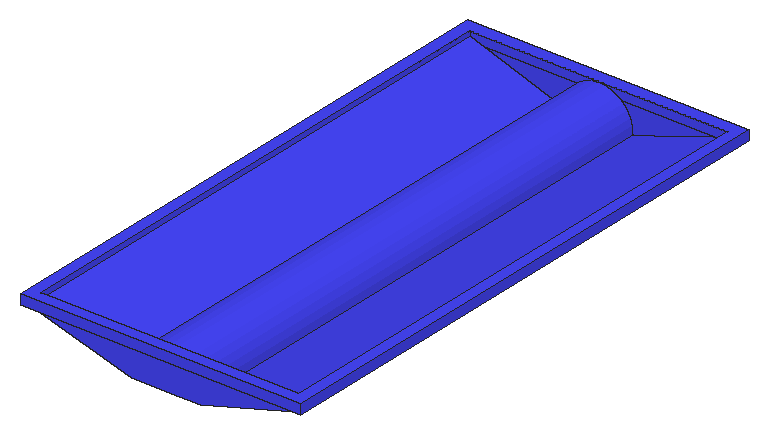
Revit family "CNTLED2236W-2450WWT40K", category Lighting Fixtures, host Face, Revit 2023
Family settings
  Host = Face
  Round Connector Dimension = Use Diameter
  Part Type = Normal
  Cut with Voids When Loaded = No
  Light Source = Yes
  Maintain Annotation Orientation = No
  Shared = No
  Room Calculation Point = No
Parameters (values of type "CNTLED2450WWT40")
  Wattage Comments = "52W"
  Wattage = 41.0456 W
  WIDTH = W * 2  # 603 mm
  W = 301.5 mm
  built-in parameter 1150110 = 1 (stored number, unit not read)
  Type Image = CENTURY IMAGE.PNG
  Type Comments = "Cuerpo: de aluminio, con pintura acabado blanco.\r\nDifusor: de policarbonato opalino que proporciona una\r\ncurva de distribución de 120°."
  built-in parameter 1114217 = 1 (stored number, unit not read)
  Tilt Angle = -90.00°
  built-in parameter 1150109 = 1 (stored number, unit not read)
  built-in parameter 1150134 = 3
  built-in parameter 1150113 = 1 (stored number, unit not read)
  Photometric Web File = "CNTLED2450WWT40K-1.IES"
  built-in parameter 1150142 = "IESNA:LM-63-2002\r\n[TEST] LAPC18D40-FOTOMETRIA\r\n[TESTLAB] LABORATORIO DE ALUMBRADO CDMX\r\n[ISSUEDATE] 5/4/2018 4:15:27 PM\r\n[MANUFAC] BEGHELLI DE MÉXICO\r\n[LUMCAT] PC40D803-FOTOMETRIA\r\n[LUMINAIRE] PC40D803-FOTOMETRIA\r\n[LAMPCAT] CENTURY CNTLED2450WWT40K\r\n[LAMP] Luminario de interiores a base de leds, para suspender o empotrar,50w\r\n[BALLAST] Controlador (driver) electrónico a.f.p., 54W.,100-277V.c.a.\r\n[BALLASTCAT] LF-GMD055YS(T)1300U\r\nTILT=NONE\r\n1 -1 1 37 10 1 1 0 0 0\r\n1 1 52.266\r\n0.00 2.50 5.00 7.50 10.00 12.50 15.00 17.50 20.00 22.50 25.00 27.50 30.00 32.50 35.00 37.50 40.00 42.50 45.00 47.50 50.00 52.50 55.00 57.50 60.00 62.50 65.00 67.50 70.00 72.50 75.00 77.50 80.00 82.50 85.00 87.50 90.00\r\n0.00 10.00 20.00 30.00 40.00 50.00 60.00 70.00 80.00 90.00\r\n2063.10 2059.00 2050.00 2036.00 2016.00 1991.00 1962.00 1927.00 1888.00 1846.00 1798.00 1747.00 1691.00 1633.00 1571.00 1507.00 1440.00 1371.00 1300.00 1228.00 1153.00 1077.00 999.00 922.00 843.00 761.00 678.00 593.00 509.00 424.00 342.00 264.00 189.00 \r\n122.00 66.00 26.00 7.00\r\n2063.10 2057.00 2048.00 2035.00 2015.00 1991.00 1962.00 1928.00 1889.00 1847.00 1800.00 1749.00 1694.00 1637.00 1576.00 1512.00 1445.00 1376.00 1306.00 1234.00 1160.00 1084.00 1007.00 931.00 854.00 773.00 689.00 604.00 521.00 438.00 357.00 280.00 207.00 \r\n141.00 85.00 39.00 9.00\r\n2063.10 2054.00 2045.00 2031.00 2012.00 1988.00 1959.00 1925.00 1887.00 1845.00 1799.00 1748.00 1694.00 1636.00 1576.00 1513.00 1447.00 1379.00 1309.00 1238.00 1165.00 1091.00 1018.00 944.00 866.00 785.00 701.00 618.00 538.00 458.00 382.00 310.00 242.00 \r\n179.00 117.00 53.00 10.00\r\n2063.10 2052.00 2044.00 2031.00 2013.00 1990.00 1962.00 1929.00 1892.00 1852.00 1807.00 1757.00 1705.00 1649.00 1590.00 1528.00 1464.00 1397.00 1329.00 1261.00 1191.00 1120.00 1046.00 971.00 892.00 813.00 734.00 655.00 579.00 504.00 432.00 363.00 296.00 \r\n227.00 151.00 73.00 13.00\r\n2063.10 2052.00 2045.00 2032.00 2014.00 1991.00 1964.00 1932.00 1896.00 1857.00 1813.00 1765.00 1713.00 1658.00 1601.00 1540.00 1478.00 1414.00 1349.00 1283.00 1213.00 1137.00 1063.00 989.00 915.00 840.00 766.00 691.00 620.00 549.00 479.00 409.00 337.00 \r\n257.00 171.00 80.00 12.00\r\n2063.10 2055.00 2048.00 2035.00 2018.00 1997.00 1971.00 1940.00 1905.00 1868.00 1825.00 1779.00 1729.00 1676.00 1621.00 1563.00 1504.00 1443.00 1376.00 1308.00 1235.00 1161.00 1090.00 1021.00 952.00 881.00 810.00 739.00 671.00 601.00 529.00 456.00 377.00 \r\n289.00 195.00 93.00 14.00\r\n2063.10 2059.00 2050.00 2038.00 2021.00 2000.00 1974.00 1944.00 1910.00 1873.00 1833.00 1788.00 1740.00 1690.00 1638.00 1582.00 1520.00 1455.00 1387.00 1318.00 1247.00 1177.00 1110.00 1045.00 978.00 912.00 844.00 776.00 708.00 636.00 563.00 486.00 399.00 \r\n304.00 204.00 92.00 12.00\r\n2063.10 2069.00 2060.00 2047.00 2029.00 2008.00 1982.00 1953.00 1921.00 1886.00 1847.00 1806.00 1760.00 1709.00 1654.00 1595.00 1532.00 1467.00 1400.00 1335.00 1267.00 1200.00 1135.00 1072.00 1009.00 944.00 878.00 811.00 743.00 671.00 596.00 516.00 424.00\r\n 326.00 221.00 103.00 14.00\r\n2063.10 2074.00 2068.00 2057.00 2041.00 2021.00 1997.00 1968.00 1936.00 1899.00 1858.00 1813.00 1764.00 1710.00 1653.00 1594.00 1532.00 1470.00 1406.00 1341.00 1276.00 1209.00 1146.00 1085.00 1023.00 960.00 895.00 828.00 759.00 686.00 610.00 526.00 430.00\r\n 330.00 220.00 99.00 12.00\r\n2063.10 2072.00 2069.00 2062.00 2051.00 2034.00 2011.00 1983.00 1950.00 1911.00 1867.00 1818.00 1766.00 1712.00 1656.00 1599.00 1539.00 1477.00 1414.00 1350.00 1284.00 1218.00 1155.00 1094.00 1033.00 970.00 906.00 839.00 770.00 698.00 621.00 537.00 440.00\r\n 338.00 228.00 106.00 14.00\r\n"
  Model = "CNTLED2236WWT40K"
  Manufacturer = "BEGHELLI"
  built-in parameter 1150105 = 485.18 (stored number, unit not read)
  Lumens = 6097 lm
  built-in parameter 1150115 = 1 (stored number, unit not read)
  built-in parameter 1150137 = (empty or 0)
  built-in parameter 1150139 = (empty or 0)
  built-in parameter 1150112 = 1 (stored number, unit not read)
  built-in parameter 1150114 = 1 (stored number, unit not read)
  Lamp = "LED"
  Keynote = "Para empotrar y suspender en plafón modular y liso, con\r\nganchos de seguridad en los cuatro extremos. De fácil\r\ninstalación."
  built-in parameter 1150132 = 2
  built-in parameter 1150102 = (empty or 0)
  built-in parameter 1150107 = 3200 (stored number, unit not read)
  built-in parameter 1150138 = (empty or 0)
  built-in parameter 1150106 = 4.8518 (stored number, unit not read)
  HOUSING MATERIAL = HOUSING MATERIAL
  HEIGHT = H * 2  # 1200 mm
  H = 600 mm
  Emit from Line Length = 609.6 mm
  built-in parameter 1150104 = 13.8 (stored number, unit not read)
  Dimming Lamp Color Temperature Shift = <None>
  Default Elevation = 1219.2 mm
  Color Filter = 16777215
  built-in parameter 1114218 = 1 (stored number, unit not read)
  built-in parameter 1150133 = 10 (stored number, unit not read)
Types (3, lengths in mm): name | Wattage Comments | Wattage | Photometric Web File | built-in parameter 1150142 | built-in parameter 1150105 | Lumens | built-in parameter 1150106 | HEIGHT | H
  (no name) | "52W" | 41.0456 W | "CNTLED2450WWT40K-1.IES" | "IESNA:LM-63-2002\r\n[TEST] LAPC18D40-FOTOMETRIA\r\n[TESTLAB] LABORATORIO DE ALUMBRADO CDMX\r\n[ISSUEDATE] 5/4/2018 4:15:27 PM\r\n[MANUFAC] BEGHELLI DE MÉXICO\r\n[LUMCAT] PC40D803-FOTOMETRIA\r\n[LUMINAIRE] PC40D803-FOTOMETRIA\r\n[LAMPCAT] CENTURY CNTLED2450WWT40K\r\n[LAMP] Luminario de interiores a base de leds, para suspender o empotrar,50w\r\n[BALLAST] Controlador (driver) electrónico a.f.p., 54W.,100-277V.c.a.\r\n[BALLASTCAT] LF-GMD055YS(T)1300U\r\nTILT=NONE\r\n1 -1 1 37 10 1 1 0 0 0\r\n1 1 52.266\r\n0.00 2.50 5.00 7.50 10.00 12.50 15.00 17.50 20.00 22.50 25.00 27.50 30.00 32.50 35.00 37.50 40.00 42.50 45.00 47.50 50.00 52.50 55.00 57.50 60.00 62.50 65.00 67.50 70.00 72.50 75.00 77.50 80.00 82.50 85.00 87.50 90.00\r\n0.00 10.00 20.00 30.00 40.00 50.00 60.00 70.00 80.00 90.00\r\n2063.10 2059.00 2050.00 2036.00 2016.00 1991.00 1962.00 1927.00 1888.00 1846.00 1798.00 1747.00 1691.00 1633.00 1571.00 1507.00 1440.00 1371.00 1300.00 1228.00 1153.00 1077.00 999.00 922.00 843.00 761.00 678.00 593.00 509.00 424.00 342.00 264.00 189.00 \r\n122.00 66.00 26.00 7.00\r\n2063.10 2057.00 2048.00 2035.00 2015.00 1991.00 1962.00 1928.00 1889.00 1847.00 1800.00 1749.00 1694.00 1637.00 1576.00 1512.00 1445.00 1376.00 1306.00 1234.00 1160.00 1084.00 1007.00 931.00 854.00 773.00 689.00 604.00 521.00 438.00 357.00 280.00 207.00 \r\n141.00 85.00 39.00 9.00\r\n2063.10 2054.00 2045.00 2031.00 2012.00 1988.00 1959.00 1925.00 1887.00 1845.00 1799.00 1748.00 1694.00 1636.00 1576.00 1513.00 1447.00 1379.00 1309.00 1238.00 1165.00 1091.00 1018.00 944.00 866.00 785.00 701.00 618.00 538.00 458.00 382.00 310.00 242.00 \r\n179.00 117.00 53.00 10.00\r\n2063.10 2052.00 2044.00 2031.00 2013.00 1990.00 1962.00 1929.00 1892.00 1852.00 1807.00 1757.00 1705.00 1649.00 1590.00 1528.00 1464.00 1397.00 1329.00 1261.00 1191.00 1120.00 1046.00 971.00 892.00 813.00 734.00 655.00 579.00 504.00 432.00 363.00 296.00 \r\n227.00 151.00 73.00 13.00\r\n2063.10 2052.00 2045.00 2032.00 2014.00 1991.00 1964.00 1932.00 1896.00 1857.00 1813.00 1765.00 1713.00 1658.00 1601.00 1540.00 1478.00 1414.00 1349.00 1283.00 1213.00 1137.00 1063.00 989.00 915.00 840.00 766.00 691.00 620.00 549.00 479.00 409.00 337.00 \r\n257.00 171.00 80.00 12.00\r\n2063.10 2055.00 2048.00 2035.00 2018.00 1997.00 1971.00 1940.00 1905.00 1868.00 1825.00 1779.00 1729.00 1676.00 1621.00 1563.00 1504.00 1443.00 1376.00 1308.00 1235.00 1161.00 1090.00 1021.00 952.00 881.00 810.00 739.00 671.00 601.00 529.00 456.00 377.00 \r\n289.00 195.00 93.00 14.00\r\n2063.10 2059.00 2050.00 2038.00 2021.00 2000.00 1974.00 1944.00 1910.00 1873.00 1833.00 1788.00 1740.00 1690.00 1638.00 1582.00 1520.00 1455.00 1387.00 1318.00 1247.00 1177.00 1110.00 1045.00 978.00 912.00 844.00 776.00 708.00 636.00 563.00 486.00 399.00 \r\n304.00 204.00 92.00 12.00\r\n2063.10 2069.00 2060.00 2047.00 2029.00 2008.00 1982.00 1953.00 1921.00 1886.00 1847.00 1806.00 1760.00 1709.00 1654.00 1595.00 1532.00 1467.00 1400.00 1335.00 1267.00 1200.00 1135.00 1072.00 1009.00 944.00 878.00 811.00 743.00 671.00 596.00 516.00 424.00\r\n 326.00 221.00 103.00 14.00\r\n2063.10 2074.00 2068.00 2057.00 2041.00 2021.00 1997.00 1968.00 1936.00 1899.00 1858.00 1813.00 1764.00 1710.00 1653.00 1594.00 1532.00 1470.00 1406.00 1341.00 1276.00 1209.00 1146.00 1085.00 1023.00 960.00 895.00 828.00 759.00 686.00 610.00 526.00 430.00\r\n 330.00 220.00 99.00 12.00\r\n2063.10 2072.00 2069.00 2062.00 2051.00 2034.00 2011.00 1983.00 1950.00 1911.00 1867.00 1818.00 1766.00 1712.00 1656.00 1599.00 1539.00 1477.00 1414.00 1350.00 1284.00 1218.00 1155.00 1094.00 1033.00 970.00 906.00 839.00 770.00 698.00 621.00 537.00 440.00\r\n 338.00 228.00 106.00 14.00\r\n" | 485.18 (stored number, unit not read) | 6097 lm | 4.8518 (stored number, unit not read) | 1200 | 600
  CNTLED2236WWT40 | "32W" | 27.0833 W | "CNTLED2236WWT40K-1.IES" | "IESNA:LM-63-2002\r\n[TEST] LAPC18D40-FOTOMETRIA\r\n[TESTLAB] LABORATORIO DE ALUMBRADO CDMX\r\n[ISSUEDATE] 5/4/2018 1:20:33 PM\r\n[MANUFAC] BEGHELLI DE MÉXICO\r\n[LUMCAT] PC40D801-FOTOMETRIA\r\n[LUMINAIRE] PC40D801-FOTOMETRIA\r\n[LAMPCAT] CENTURY CNTLED2236WWT40K\r\n[LAMP] Luminario de interiores a base de leds, para suspender o empotrar,36w\r\n[BALLAST] Controlador (driver) electrónico a.f.p., 39W.,100-277V.c.a.\r\n[BALLASTCAT] LF-GMD045YS(T) 0950U\r\nTILT=NONE\r\n1 -1 1 37 10 1 1 0 0 0\r\n1 1 34.808\r\n0.00 2.50 5.00 7.50 10.00 12.50 15.00 17.50 20.00 22.50 25.00 27.50 30.00 32.50 35.00 37.50 40.00 42.50 45.00 47.50 50.00 52.50 55.00 57.50 60.00 62.50 65.00 67.50 70.00 72.50 75.00 77.50 80.00 82.50 85.00 87.50 90.00\r\n0.00 10.00 20.00 30.00 40.00 50.00 60.00 70.00 80.00 90.00\r\n1375.80 1373.00 1367.00 1357.00 1344.00 1326.00 1306.00 1282.00 1255.00 1226.00 1193.00 1158.00 1120.00 1080.00 1038.00 995.00 949.00 902.00 854.00 806.00 756.00 705.00 653.00 602.00 549.00 496.00 441.00 386.00 331.00 277.00 224.00 172.00 124.00 81.00 \r\n43.00 17.00 3.00\r\n1375.80 1373.00 1367.00 1358.00 1345.00 1328.00 1307.00 1284.00 1257.00 1228.00 1196.00 1161.00 1124.00 1084.00 1043.00 999.00 954.00 907.00 860.00 812.00 761.00 710.00 659.00 608.00 556.00 502.00 448.00 394.00 340.00 286.00 233.00 182.00 134.00 90.00 \r\n52.00 21.00 3.00\r\n1375.80 1372.00 1366.00 1356.00 1343.00 1326.00 1306.00 1283.00 1257.00 1228.00 1196.00 1161.00 1124.00 1085.00 1044.00 1001.00 956.00 910.00 863.00 815.00 766.00 715.00 665.00 615.00 563.00 510.00 457.00 403.00 351.00 298.00 247.00 198.00 151.00 107.00 \r\n65.00 26.00 3.00\r\n1375.80 1371.00 1365.00 1356.00 1343.00 1327.00 1308.00 1285.00 1259.00 1232.00 1201.00 1167.00 1131.00 1093.00 1053.00 1011.00 967.00 922.00 876.00 829.00 781.00 731.00 682.00 633.00 582.00 531.00 479.00 427.00 376.00 326.00 276.00 229.00 182.00 135.00 \r\n86.00 38.00 5.00\r\n1375.80 1370.00 1364.00 1355.00 1342.00 1327.00 1308.00 1286.00 1261.00 1234.00 1204.00 1171.00 1136.00 1099.00 1060.00 1020.00 977.00 933.00 887.00 841.00 793.00 745.00 697.00 649.00 600.00 551.00 502.00 451.00 403.00 354.00 306.00 259.00 210.00 156.00 \r\n101.00 44.00 5.00\r\n1375.80 1370.00 1366.00 1357.00 1345.00 1330.00 1312.00 1291.00 1268.00 1242.00 1213.00 1182.00 1148.00 1112.00 1075.00 1035.00 994.00 950.00 906.00 860.00 813.00 765.00 719.00 674.00 627.00 580.00 532.00 484.00 438.00 390.00 342.00 292.00 239.00 181.00 \r\n120.00 55.00 6.00\r\n1375.80 1374.00 1368.00 1359.00 1348.00 1333.00 1315.00 1295.00 1272.00 1248.00 1220.00 1189.00 1157.00 1122.00 1085.00 1046.00 1005.00 962.00 917.00 873.00 827.00 781.00 736.00 693.00 648.00 603.00 557.00 511.00 464.00 416.00 367.00 315.00 257.00 195.00 \r\n130.00 57.00 6.00\r\n1375.80 1377.00 1372.00 1364.00 1353.00 1339.00 1322.00 1302.00 1281.00 1256.00 1230.00 1200.00 1168.00 1133.00 1097.00 1058.00 1017.00 975.00 932.00 888.00 843.00 798.00 755.00 714.00 671.00 627.00 582.00 537.00 490.00 442.00 392.00 338.00 277.00 213.00 \r\n145.00 67.00 7.00\r\n1375.80 1378.00 1374.00 1367.00 1356.00 1344.00 1327.00 1308.00 1286.00 1262.00 1234.00 1204.00 1172.00 1137.00 1100.00 1061.00 1020.00 979.00 936.00 894.00 850.00 806.00 764.00 723.00 682.00 639.00 595.00 549.00 503.00 454.00 403.00 348.00 284.00 219.00 \r\n148.00 64.00 6.00\r\n1375.80 1380.00 1376.00 1369.00 1359.00 1346.00 1331.00 1312.00 1290.00 1266.00 1238.00 1209.00 1176.00 1141.00 1104.00 1065.00 1024.00 984.00 942.00 899.00 856.00 812.00 771.00 730.00 690.00 647.00 603.00 558.00 511.00 463.00 412.00 356.00 292.00 226.00 \r\n155.00 70.00 7.00\r\n" | 320.14 (stored number, unit not read) | 4023 lm | 3.2014 (stored number, unit not read) | 603 | 301.5
  CNTLED2450WWT40 | "52W" | 41.0456 W | "CNTLED2450WWT40K-1.IES" | "IESNA:LM-63-2002\r\n[TEST] LAPC18D40-FOTOMETRIA\r\n[TESTLAB] LABORATORIO DE ALUMBRADO CDMX\r\n[ISSUEDATE] 5/4/2018 4:15:27 PM\r\n[MANUFAC] BEGHELLI DE MÉXICO\r\n[LUMCAT] PC40D803-FOTOMETRIA\r\n[LUMINAIRE] PC40D803-FOTOMETRIA\r\n[LAMPCAT] CENTURY CNTLED2450WWT40K\r\n[LAMP] Luminario de interiores a base de leds, para suspender o empotrar,50w\r\n[BALLAST] Controlador (driver) electrónico a.f.p., 54W.,100-277V.c.a.\r\n[BALLASTCAT] LF-GMD055YS(T)1300U\r\nTILT=NONE\r\n1 -1 1 37 10 1 1 0 0 0\r\n1 1 52.266\r\n0.00 2.50 5.00 7.50 10.00 12.50 15.00 17.50 20.00 22.50 25.00 27.50 30.00 32.50 35.00 37.50 40.00 42.50 45.00 47.50 50.00 52.50 55.00 57.50 60.00 62.50 65.00 67.50 70.00 72.50 75.00 77.50 80.00 82.50 85.00 87.50 90.00\r\n0.00 10.00 20.00 30.00 40.00 50.00 60.00 70.00 80.00 90.00\r\n2063.10 2059.00 2050.00 2036.00 2016.00 1991.00 1962.00 1927.00 1888.00 1846.00 1798.00 1747.00 1691.00 1633.00 1571.00 1507.00 1440.00 1371.00 1300.00 1228.00 1153.00 1077.00 999.00 922.00 843.00 761.00 678.00 593.00 509.00 424.00 342.00 264.00 189.00 \r\n122.00 66.00 26.00 7.00\r\n2063.10 2057.00 2048.00 2035.00 2015.00 1991.00 1962.00 1928.00 1889.00 1847.00 1800.00 1749.00 1694.00 1637.00 1576.00 1512.00 1445.00 1376.00 1306.00 1234.00 1160.00 1084.00 1007.00 931.00 854.00 773.00 689.00 604.00 521.00 438.00 357.00 280.00 207.00 \r\n141.00 85.00 39.00 9.00\r\n2063.10 2054.00 2045.00 2031.00 2012.00 1988.00 1959.00 1925.00 1887.00 1845.00 1799.00 1748.00 1694.00 1636.00 1576.00 1513.00 1447.00 1379.00 1309.00 1238.00 1165.00 1091.00 1018.00 944.00 866.00 785.00 701.00 618.00 538.00 458.00 382.00 310.00 242.00 \r\n179.00 117.00 53.00 10.00\r\n2063.10 2052.00 2044.00 2031.00 2013.00 1990.00 1962.00 1929.00 1892.00 1852.00 1807.00 1757.00 1705.00 1649.00 1590.00 1528.00 1464.00 1397.00 1329.00 1261.00 1191.00 1120.00 1046.00 971.00 892.00 813.00 734.00 655.00 579.00 504.00 432.00 363.00 296.00 \r\n227.00 151.00 73.00 13.00\r\n2063.10 2052.00 2045.00 2032.00 2014.00 1991.00 1964.00 1932.00 1896.00 1857.00 1813.00 1765.00 1713.00 1658.00 1601.00 1540.00 1478.00 1414.00 1349.00 1283.00 1213.00 1137.00 1063.00 989.00 915.00 840.00 766.00 691.00 620.00 549.00 479.00 409.00 337.00 \r\n257.00 171.00 80.00 12.00\r\n2063.10 2055.00 2048.00 2035.00 2018.00 1997.00 1971.00 1940.00 1905.00 1868.00 1825.00 1779.00 1729.00 1676.00 1621.00 1563.00 1504.00 1443.00 1376.00 1308.00 1235.00 1161.00 1090.00 1021.00 952.00 881.00 810.00 739.00 671.00 601.00 529.00 456.00 377.00 \r\n289.00 195.00 93.00 14.00\r\n2063.10 2059.00 2050.00 2038.00 2021.00 2000.00 1974.00 1944.00 1910.00 1873.00 1833.00 1788.00 1740.00 1690.00 1638.00 1582.00 1520.00 1455.00 1387.00 1318.00 1247.00 1177.00 1110.00 1045.00 978.00 912.00 844.00 776.00 708.00 636.00 563.00 486.00 399.00 \r\n304.00 204.00 92.00 12.00\r\n2063.10 2069.00 2060.00 2047.00 2029.00 2008.00 1982.00 1953.00 1921.00 1886.00 1847.00 1806.00 1760.00 1709.00 1654.00 1595.00 1532.00 1467.00 1400.00 1335.00 1267.00 1200.00 1135.00 1072.00 1009.00 944.00 878.00 811.00 743.00 671.00 596.00 516.00 424.00\r\n 326.00 221.00 103.00 14.00\r\n2063.10 2074.00 2068.00 2057.00 2041.00 2021.00 1997.00 1968.00 1936.00 1899.00 1858.00 1813.00 1764.00 1710.00 1653.00 1594.00 1532.00 1470.00 1406.00 1341.00 1276.00 1209.00 1146.00 1085.00 1023.00 960.00 895.00 828.00 759.00 686.00 610.00 526.00 430.00\r\n 330.00 220.00 99.00 12.00\r\n2063.10 2072.00 2069.00 2062.00 2051.00 2034.00 2011.00 1983.00 1950.00 1911.00 1867.00 1818.00 1766.00 1712.00 1656.00 1599.00 1539.00 1477.00 1414.00 1350.00 1284.00 1218.00 1155.00 1094.00 1033.00 970.00 906.00 839.00 770.00 698.00 621.00 537.00 440.00\r\n 338.00 228.00 106.00 14.00\r\n" | 485.18 (stored number, unit not read) | 6097 lm | 4.8518 (stored number, unit not read) | 1200 | 600
Reference planes
  plane 1 "Center (Front/Back)": y = 0
  plane 2: z = 0
  plane 3 "Center (Left/Right)": x = 0
  plane 4: x = -301.5
  plane 5: y = 600
  plane 6: x = 301.5
  plane 7: y = -600
Forms (mm)
  Extrusion 1, void
    sketch origin (0, 0, 0) x (1, 0, 0) y (0, 1, 0)
      loop
        line (-301.5, 600) -> (-301.5, -600) -> (301.5, -600) -> (301.5, 600) -> (-301.5, 600)
    from -109.302 to 56.595
Dimensions and locks
  "W": plane 4 to plane 3 "Center (Left/Right)"
  "H": plane 1 "Center (Front/Back)" to plane 5
  "WIDTH": plane 4 to plane 6
  "HEIGHT": plane 7 to plane 5
  aligned and locked: plane 2 to host face
  aligned and locked: level to host face
  aligned and locked: plane 5 to Extrusion 1 sketch curve
  aligned and locked: Extrusion 1 sketch curve to plane 4
  aligned and locked: Extrusion 1 sketch curve to plane 6
  aligned and locked: Extrusion 1 sketch curve to plane 7
  aligned and locked: imposter light to nested 1
Automatic sketch dimensions
  host sketch curve to host sketch curve = 1470.448 mm
  host sketch curve to host sketch curve = 1591.877 mm
Nested families
  nested 1: "CENTURY HOUSING" at (0, 0, 0), type "CNT2"
    with HEIGHT 1200 mm, H 600 mm
Definition of nested family "CENTURY HOUSING"
  Parameters (values of type "CNT2")
    WIDTH = W * 2  # 603 mm
    W = 301.5 mm
    HOUSING MATERIAL = none
    HEIGHT = H * 2  # 603 mm
    H = 301.5 mm
    Default Elevation = 0 mm
  Types (3, lengths in mm): name | WIDTH | W
    (no name) | 603 | 301.5
    CNT2 | 603 | 301.5
    CNT4 | 1200 | 600
  Reference planes
    plane 1 "Center (Front/Back)": y = 0
    plane 2: z = 0
    plane 3 "Center (Left/Right)": x = 0
    plane 4: x = -301.5
    plane 5: y = 301.5
    plane 6: y = -301.5
    plane 7: x = 301.5
    plane 8: z = 94
    plane 9: z = 20
    plane 10: y = 276.5
    plane 11: y = -276.5
    plane 12: x = -276.5
    plane 13: x = 276.5
    plane 14: y = 286.5
    plane 15: y = -286.5
  Forms (mm)
    Extrusion 1, solid, material <- "HOUSING MATERIAL"
      sketch origin (0, 0, 0) x (1, 0, 0) y (0, 1, 0)
        loop
          line (-301.5, 301.5) -> (-301.5, -301.5) -> (301.5, -301.5) -> (301.5, 301.5) -> (-301.5, 301.5)
        loop
          line (-276.5, 276.5) -> (-276.5, -276.5) -> (276.5, -276.5) -> (276.5, 276.5) -> (-276.5, 276.5)
      from 0 to 20
    Extrusion 2, solid, material <- "HOUSING MATERIAL"
      sketch origin (-64.189, 0, -7) x (1, 0, 0) y (0, 0, 1)
        loop
          line (-6.676, -51.783) -> (-212.311, 17) -> (-212.311, -3.426) -> (-10.103, -61.408) -> (64.189, -61.408) -> (138.481, -61.408) -> (340.689, -3.426) -> (340.689, 17) -> (136.691, -51.56)
          arc (136.691, -51.56) -> (64.888, 24.966) -> (-6.676, -51.783) r 71.844
      from -276.5 to 276.5
    Extrusion 3, solid, material <- "HOUSING MATERIAL"
      sketch origin (-64.189, 0, -7) x (1, 0, 0) y (0, 0, 1)
        loop
          line (-212.311, -3.426) -> (-10.103, -61.408) -> (64.189, -61.408) -> (138.481, -61.408) -> (340.689, -3.426) -> (340.689, 7) -> (-212.311, 7) -> (-212.311, -3.426)
      from -286.5 to -276.5
    Extrusion 4, solid, material <- "HOUSING MATERIAL"
      sketch origin (-64.189, 0, -7) x (1, 0, 0) y (0, 0, -1)
        loop
          line (-212.311, 3.426) -> (-212.311, -7) -> (340.689, -7) -> (340.689, 3.426) -> (138.481, 61.408) -> (64.189, 61.408) -> (-10.103, 61.408) -> (-212.311, 3.426)
      from -286.5 to -276.5
  Dimensions and locks
    "HEIGHT": plane 5 to plane 6
    "WIDTH": plane 4 to plane 7
    "H": plane 5 to plane 1 "Center (Front/Back)"
    "W": plane 4 to plane 3 "Center (Left/Right)"
    locked: plane 4 to plane 12 at 25
    locked: plane 13 to plane 7 at 25
    locked: plane 10 to plane 14 at 10
    locked: plane 5 to plane 10 at 25
    locked: plane 6 to plane 11 at 25
    locked: plane 15 to plane 11 at 10
    aligned and locked: level to plane 2
    aligned and locked: plane 9 to Extrusion 1
    aligned and locked: plane 6 to Extrusion 1
    aligned and locked: Extrusion 1 to plane 12
    aligned and locked: Extrusion 1 to plane 13
    aligned and locked: Extrusion 1 to plane 10
    aligned and locked: Extrusion 1 to plane 11
    aligned and locked: plane 12 to Extrusion 2
    aligned and locked: plane 13 to Extrusion 2
    aligned and locked: level to Extrusion 3 sketch curve
    aligned and locked: Extrusion 3 to plane 13
    aligned and locked: plane 12 to Extrusion 3
    aligned and locked: plane 10 to Extrusion 2
    aligned and locked: Extrusion 2 to plane 11
    aligned and locked: plane 14 to Extrusion 3
    aligned and locked: Extrusion 3 to plane 10
    aligned and locked: Extrusion 4 to plane 11
    aligned and locked: Extrusion 4 to plane 15
  Automatic sketch dimensions
    Extrusion 1 sketch curve to plane 4 = 0 mm
    Extrusion 1 sketch curve to plane 11 = 0 mm
    Extrusion 1 sketch curve to plane 12 = 0 mm
    Extrusion 1 sketch curve to plane 10 = 0 mm
    Extrusion 1 sketch curve to plane 13 = 0 mm
    Extrusion 1 sketch curve to plane 5 = 0 mm
    Extrusion 1 sketch curve to plane 7 = 0 mm
    plane 6 to Extrusion 1 sketch curve = 0 mm
    plane 12 to Extrusion 2 sketch curve = 0 mm
    Extrusion 2 sketch curve to plane 3 "Center (Left/Right)" = 0 mm
    Extrusion 2 sketch curve to plane 13 = 0 mm
    Extrusion 2 sketch curve to plane 3 "Center (Left/Right)" = 74.292 mm
    Extrusion 2 sketch curve to Extrusion 2 sketch curve = 3.427 mm
    plane 3 "Center (Left/Right)" to Extrusion 2 sketch curve = 0.811 mm
    Extrusion 2 sketch curve to level = 58.56 mm
    Extrusion 2 sketch curve to Extrusion 2 sketch curve = 71.691 mm
    Extrusion 2 sketch curve to Extrusion 2 sketch curve = 1.79 mm
    Extrusion 2 sketch curve to level = 58.783 mm
    Extrusion 2 sketch curve to Extrusion 2 sketch curve = 14.53 mm
    Extrusion 2 sketch curve to level = 10.426 mm  (x2)
    level to Extrusion 2 sketch curve = 10 mm  (x2)
    plane 12 to Extrusion 3 sketch curve = 0 mm
    Extrusion 3 sketch curve to plane 3 "Center (Left/Right)" = 0 mm
    Extrusion 3 sketch curve to plane 13 = 0 mm
    Extrusion 3 sketch curve to plane 3 "Center (Left/Right)" = 74.292 mm
    Extrusion 3 sketch curve to Extrusion 3 sketch curve = 74.292 mm
    Extrusion 3 sketch curve to level = 10.426 mm  (x2)
    Extrusion 3 sketch curve to level = 68.408 mm
    plane 12 to Extrusion 4 sketch curve = 0 mm
    Extrusion 4 sketch curve to plane 3 "Center (Left/Right)" = 0 mm
    Extrusion 4 sketch curve to level = 0 mm
    Extrusion 4 sketch curve to plane 13 = 0 mm
    Extrusion 4 sketch curve to plane 3 "Center (Left/Right)" = 74.292 mm
    Extrusion 4 sketch curve to Extrusion 4 sketch curve = 74.292 mm
    Extrusion 4 sketch curve to level = 10.426 mm  (x2)
    Extrusion 4 sketch curve to level = 68.408 mm
